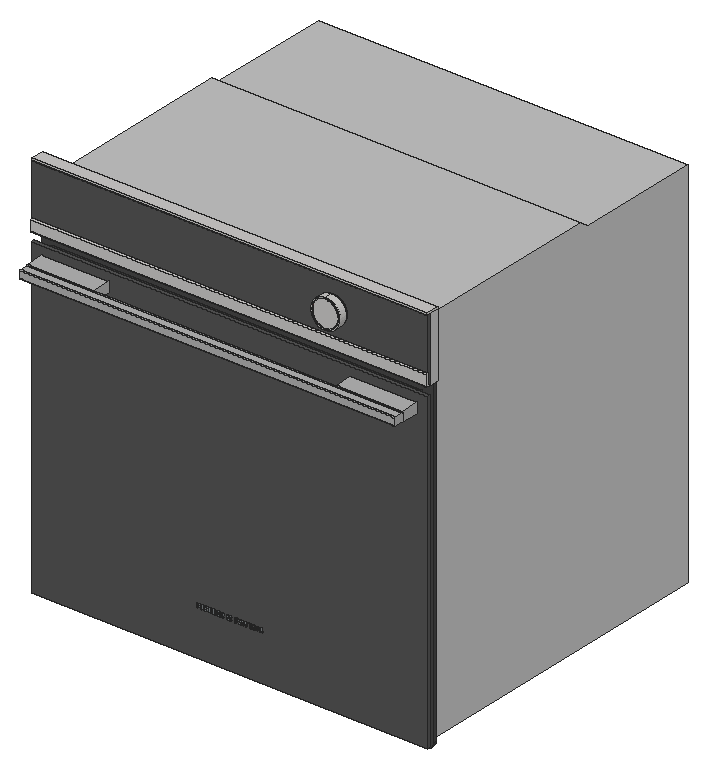
Revit family "FP-Revit18-OB60SD9PLX1-Oven-0-CN-IE-NZ-UK-90002667A", category Specialty Equipment, Revit 2018
Family settings
  Round Connector Dimension = Use Diameter
  Part Type = Normal
  OmniClass Number = 23.40.40.14.17.11
  OmniClass Title = Cookers, Ovens, Stoves
  Work Plane-Based = No
  Always vertical = Yes
  Cut with Voids When Loaded = Yes
  Shared = No
  Room Calculation Point = No
Parameters (values of type "OB60SD9PLX1")
  Visibility - Clearance Required = yes
  URL = "www.fisherpaykel.com"
  Product - Width = 596 mm  # constant formula
  Product - Height = 598 mm  # constant formula
  Product - Depth = 565 mm  # constant formula
  Model = "OB60SD9PLX1"
  Material - Trim = Fisher & Paykel - Stainless Steel
  Material - Structure = Fisher & Paykel - Black
  Material - Logo = Fisher & Paykel - Graphics Grey
  Material - Handle = Fisher & Paykel - Aluminium
  Material - Glass = Fisher & Paykel - Glass, Black
  Material - Buttons and Dials = Fisher & Paykel - Stainless Steel
  Material - Body = Fisher & Paykel - Grey
  Material - Bezel = Fisher & Paykel - Bezel Red
  Manufacturer = "Fisher & Paykel Appliances"
  FFL Offset [instance] = 200 mm
  Description = "60cm Built-In Oven"
  Connector Note - Electrical = "220-240 V, 12.8 - 13.8 A, 50 Hz"
  Chassis - Width = 556 mm  # constant formula
  Chassis - Height = 575 mm  # constant formula
  Chassis - Depth = 545 mm  # constant formula
  Cavity - Width = 560 mm  # constant formula
  Cavity - Height = 580 mm  # constant formula
  Cavity - Depth = 550 mm  # constant formula
Reference planes
  plane 1 "Datum": y = 0
  plane 2: z = 0
  plane 3 "Center (Left/Right)": x = 0
  plane 4 "Cavity": z = 780
  plane 5 "Product Height": z = 798
  plane 6 "Product LHS": x = -298
  plane 7 "Product RHS": x = 298
  plane 8 "Cavity LHS": x = -300
  plane 9 "Cavity RHS": x = 300
  plane 10 "Cavity - Depth": y = 550
  plane 11 "Product Depth": y = 545
  plane 12 "Front Face": y = -20
  plane 13 "FFL Offset": z = 200
  plane 14 "Cavity Height": z = 800
Forms (mm)
  Extrusion 1, solid, material "Fisher & Paykel - Grey" <- "Material - Body"
    sketch origin (0, 0, 0) x (0, 1, 0) y (0, 0, 1)
      loop
        line (0, 200) -> (525, 200) -> (525, 393.99) -> (545, 413.99) -> (545, 609.73) -> (495, 659.73) -> (495, 764.6) -> (307.721, 764.6) -> (293.958, 775) -> (0, 775) -> (0, 200)
    from -278 to 278
  Extrusion 2, void
    sketch origin (0, 0, 0) x (1, 0, 0) y (0, 1, 0)
      loop
        line (-278, 495) -> (-229.13, 495) -> (-179.13, 545) -> (-278, 545) -> (-278, 495)
      loop
        line (278, 495) -> (278, 545) -> (94.617, 545) -> (114.617, 525) -> (199.13, 525) -> (229.13, 495) -> (278, 495)
    from 200 to 764.6
  Extrusion 3, solid, material "Fisher & Paykel - Stainless Steel" <- "Material - Trim"
    sketch origin (0, 0, 0) x (0, 1, 0) y (0, 0, 1)
      loop
        line (0, 798) -> (-20.5, 798) -> (-20.5, 795.1) -> (0, 795.1) -> (0, 798)
    from -297.7 to 297.7
  Extrusion 4, solid, material "Fisher & Paykel - Grey" <- "Material - Body"
    sketch origin (0, 0, 0) x (0, 1, 0) y (0, 0, 1)
      loop
        line (-16, 795.1) -> (-16, 698) -> (0, 698) -> (0, 795.1) -> (-16, 795.1)
    from -297.7 to 297.7
  Extrusion 5, solid, material "Fisher & Paykel - Glass, Black" <- "Material - Glass"
    sketch origin (0, 0, 0) x (1, 0, 0) y (0, 0, 1)
      loop
        line (-298, 685.199) -> (-298, 210.2) -> (298, 210.2) -> (298, 685.199) -> (-298, 685.199)
      loop
        line (-298, 699.5) -> (298, 699.5) -> (298, 794.5) -> (-298, 794.5) -> (-298, 699.5)
    from 16 to 20
  Extrusion 6, solid, material "Fisher & Paykel - Black" <- "Material - Structure"
    sketch origin (0, 0, 0) x (0, 1, 0) y (0, 0, 1)
      loop
        line (-13.8, 683.7) -> (-16, 683.7) -> (-16, 224.7) -> (-5, 224.7) -> (-5, 680.497) -> (-13.8, 683.7)
    from -277 to 277
  Extrusion 7, solid, material "Fisher & Paykel - Black" <- "Material - Structure"
    sketch origin (0, 0, 0) x (1, 0, 0) y (0, 0, 1)
      loop
        line (-295, 698) -> (-295, 209.536)
        arc (-295, 209.536) -> (-292.207, 202.793) -> (-285.464, 200) r 9.536
        line (-285.464, 200) -> (285.5, 200)
        arc (285.5, 200) -> (292.218, 202.782) -> (295, 209.5) r 9.5
        line (295, 209.5) -> (295, 698) -> (-295, 698)
    from 0 to 5
  Extrusion 8, solid, material "Fisher & Paykel - Clearance Required", visible <- "Visibility - Clearance Required", detail levels coarse
    sketch origin (0, 0, 0) x (0, 1, 0) y (0, 0, 1)
      loop
        line (0, 800) -> (-20, 800) -> (-20, 685.452)
        arc (-20, 685.452) -> (-338.426, 558.091) -> (-479.879, 245.669) r 459.33
        line (-479.879, 245.669) -> (-453.852, 243.749) -> (-456.942, 201.858) -> (-440.966, 200.68) -> (-437.876, 242.565) -> (-20, 211.735) -> (-20, 200) -> (0, 200) -> (0, 800)
    from -300 to 300
  Extrusion 9, solid, material "Fisher & Paykel - Clearance Required", visible <- "Visibility - Clearance Required", detail levels coarse
    sketch origin (0, 0, 0) x (1, 0, 0) y (0, 1, 0)
      loop
        line (-280, 0) -> (280, 0) -> (280, 550) -> (-280, 550) -> (-280, 0)
    from 200 to 780
  Extrusion 10, void
    sketch origin (0, 0, 0) x (1, 0, 0) y (0, 1, 0)
      loop
        line (-300, -20) -> (300, -20) -> (300, 0) -> (-300, 0) -> (-300, -20)
    from 200 to 800
  Extrusion 11, solid, material "Fisher & Paykel - Stainless Steel" <- "Material - Trim", detail levels fine
    sketch origin (0, 0, 0) x (0, 1, 0) y (0, 0, 1)
      loop
        line (-21.7, 715.595) -> (-21.7, 699.2)
        arc (-21.7, 699.2) -> (-21.349, 698.351) -> (-20.5, 698) r 1.2
        line (-20.5, 698) -> (-17.526, 698) -> (-17.526, 699.5) -> (-20, 699.5) -> (-20, 717.643) -> (-20.789, 717.643) -> (-21.7, 715.595)
    from -298 to 298
  Extrusion 12, void
    sketch origin (0, 0, 0) x (1, 0, 0) y (0, 1, 0)
      loop
        line (-280, 550) -> (-280, 0) -> (280, 0) -> (280, 550) -> (-280, 550)
    from 200 to 780
  Extrusion 13, solid, material "Fisher & Paykel - Aluminium" <- "Material - Handle", detail levels fine
    sketch origin (0, -21, 664.221) x (0, 1, 0) y (0, 0, 1)
      loop
        arc (-26.813, 6.16) -> (-27.196, 6.554) -> (-27.728, 6.686) r 1
        line (-27.728, 6.686) -> (-40.035, 6.256)
        arc (-40.035, 6.256) -> (-40.719, 5.951) -> (-41, 5.257) r 1
        line (-41, 5.257) -> (-41, -5.257)
        arc (-41, -5.257) -> (-40.719, -5.951) -> (-40.035, -6.256) r 1
        line (-40.035, -6.256) -> (-27.709, -6.686)
        arc (-27.709, -6.686) -> (-27.175, -6.554) -> (-26.792, -6.158) r 1
        arc (-26.792, -6.158) -> (-25.256, 0.004) -> (-26.813, 6.16) r 13.038
    from -282.5 to 282.5
  Extrusion 14, solid, material "Fisher & Paykel - Aluminium" <- "Material - Handle", detail levels fine
    sketch origin (0, -21, 664.221) x (0, 1, 0) y (0, 0, 1)
      loop
        arc (-26.626, -6.008) -> (-26.614, -6.49) -> (-26.2, -6.737) r 0.5
        line (-26.2, -6.737) -> (1, -7.732) -> (1, 7.741) -> (-26.174, 6.747)
        arc (-26.174, 6.747) -> (-26.587, 6.5) -> (-26.6, 6.019) r 0.5
        arc (-26.6, 6.019) -> (-25.156, 0.002) -> (-26.626, -6.008) r 13.136
    from 182.5 to 282.5
  Extrusion 15, solid, material "Fisher & Paykel - Aluminium" <- "Material - Handle", detail levels coarse+medium
    sketch origin (0, -21, 664.221) x (1, 0, 0) y (0, 1, 0)
      loop
        line (-282.5, -41) -> (282.5, -41) -> (282.5, 1) -> (182.5, 1) -> (182.5, -26.156) -> (-182.5, -26.156) -> (-182.5, 1) -> (-282.5, 1) -> (-282.5, -41)
    from -8.022 to 7.978
  Extrusion 16, solid, material "Fisher & Paykel - Aluminium" <- "Material - Handle", detail levels fine
    sketch origin (0, -21, 664.221) x (0, 1, 0) y (0, 0, 1)
      loop
        arc (-26.626, -6.008) -> (-26.614, -6.49) -> (-26.2, -6.737) r 0.5
        line (-26.2, -6.737) -> (1, -7.732) -> (1, 7.741) -> (-26.174, 6.747)
        arc (-26.174, 6.747) -> (-26.587, 6.5) -> (-26.6, 6.019) r 0.5
        arc (-26.6, 6.019) -> (-25.156, 0.002) -> (-26.626, -6.008) r 13.136
    from -282.5 to -182.5
  Extrusion 17, solid, material "Fisher & Paykel - Aluminium" <- "Material - Handle", not visible, detail levels fine
    sketch origin (0, -22, 652) x (0, 1, 0) y (0, 0, 1)
      loop
        arc (-26.813, 6.16) -> (-27.196, 6.554) -> (-27.728, 6.686) r 1
        line (-27.728, 6.686) -> (-40.035, 6.256)
        arc (-40.035, 6.256) -> (-40.719, 5.951) -> (-41, 5.257) r 1
        line (-41, 5.257) -> (-41, -5.257)
        arc (-41, -5.257) -> (-40.719, -5.951) -> (-40.035, -6.256) r 1
        line (-40.035, -6.256) -> (-27.709, -6.686)
        arc (-27.709, -6.686) -> (-27.175, -6.554) -> (-26.792, -6.158) r 1
        arc (-26.792, -6.158) -> (-25.256, 0.004) -> (-26.813, 6.16) r 13.038
    from -282.5 to 282.5
  Extrusion 18, solid, material "Fisher & Paykel - Aluminium" <- "Material - Handle", not visible, detail levels fine
    sketch origin (0, -22, 652) x (0, 1, 0) y (0, 0, 1)
      loop
        arc (-26.626, -6.008) -> (-26.614, -6.49) -> (-26.2, -6.737) r 0.5
        line (-26.2, -6.737) -> (1, -7.732) -> (1, 7.741) -> (-26.174, 6.747)
        arc (-26.174, 6.747) -> (-26.587, 6.5) -> (-26.6, 6.019) r 0.5
        arc (-26.6, 6.019) -> (-25.156, 0.002) -> (-26.626, -6.008) r 13.136
    from 182.5 to 282.5
  Extrusion 19, solid, material "Fisher & Paykel - Aluminium" <- "Material - Handle", not visible, detail levels coarse+medium
    sketch origin (0, -22, 652) x (1, 0, 0) y (0, 1, 0)
      loop
        line (-282.5, -41) -> (282.5, -41) -> (282.5, 1) -> (182.5, 1) -> (182.5, -26.156) -> (-182.5, -26.156) -> (-182.5, 1) -> (-282.5, 1) -> (-282.5, -41)
    from -8.022 to 7.978
  Extrusion 20, solid, material "Fisher & Paykel - Aluminium" <- "Material - Handle", not visible, detail levels fine
    sketch origin (0, -22, 652) x (0, 1, 0) y (0, 0, 1)
      loop
        arc (-26.626, -6.008) -> (-26.614, -6.49) -> (-26.2, -6.737) r 0.5
        line (-26.2, -6.737) -> (1, -7.732) -> (1, 7.741) -> (-26.174, 6.747)
        arc (-26.174, 6.747) -> (-26.587, 6.5) -> (-26.6, 6.019) r 0.5
        arc (-26.6, 6.019) -> (-25.156, 0.002) -> (-26.626, -6.008) r 13.136
    from -282.5 to -182.5
  Extrusion 21, solid, material "Fisher & Paykel - Graphics Grey" <- "Material - Logo", detail levels fine
    sketch origin (0, -20, 278.956) x (1, 0, 0) y (0, 0, 1)
      loop
        line (-49.544, 0) -> (-47.97, 0) -> (-47.97, 2.138) -> (-45.511, 2.138) -> (-45.511, 3.472) -> (-47.97, 3.472) -> (-47.97, 4.712) -> (-45.295, 4.712) -> (-45.295, 6.04) -> (-49.544, 6.04) -> (-49.544, 0)
      loop
        line (-42.304, 6.04) -> (-42.304, 0) -> (-40.73, 0) -> (-40.73, 6.04) -> (-42.304, 6.04)
      loop
        line (-30.224, 6.04) -> (-30.224, 0) -> (-28.651, 0) -> (-28.651, 2.42) -> (-26.339, 2.42) -> (-26.339, 0) -> (-24.765, 0) -> (-24.765, 6.04) -> (-26.339, 6.04) -> (-26.339, 3.748) -> (-28.651, 3.748) -> (-28.651, 6.04) -> (-30.224, 6.04)
      loop
        line (-21.406, 6.04) -> (-21.406, 0) -> (-17.102, 0) -> (-17.102, 1.328) -> (-19.847, 1.328) -> (-19.847, 2.42) -> (-17.338, 2.42) -> (-17.338, 3.748) -> (-19.847, 3.748) -> (-19.847, 4.712) -> (-17.102, 4.712) -> (-17.102, 6.04) -> (-21.406, 6.04)
      loop
        line (46.167, 6.04) -> (46.167, 0) -> (50.456, 0) -> (50.456, 1.328) -> (47.741, 1.328) -> (47.741, 6.04) -> (46.167, 6.04)
      loop
        line (42.931, 6.04) -> (38.612, 6.04) -> (38.612, 0) -> (42.931, 0) -> (42.931, 1.328) -> (40.187, 1.328) -> (40.187, 2.42) -> (42.695, 2.42) -> (42.695, 3.748) -> (40.187, 3.748) -> (40.187, 4.712) -> (42.931, 4.712) -> (42.931, 6.04)
      loop
        line (33.951, 3.148) -> (36.183, 6.04) -> (34.344, 6.04) -> (32.415, 3.542) -> (32.415, 6.04) -> (30.842, 6.04) -> (30.842, 0) -> (32.415, 0) -> (32.415, 2.705) -> (34.403, 0) -> (36.263, 0) -> (33.951, 3.148)
      loop
        line (22.48, 6.04) -> (24.762, 2.42) -> (24.762, 0) -> (26.337, 0) -> (26.337, 2.341) -> (28.619, 6.04) -> (26.946, 6.04) -> (25.599, 3.707) -> (24.253, 6.04) -> (22.48, 6.04)
      loop
        line (18.979, 6.04) -> (17.483, 6.04) -> (15.024, 0) -> (16.569, 0) -> (17.001, 1.112) -> (19.421, 1.112) -> (19.854, 0) -> (21.438, 0) -> (18.979, 6.04)
      loop
        line (18.9, 2.439) -> (18.193, 4.174) -> (17.518, 2.439) -> (18.9, 2.439)
      loop
        line (8.531, 6.04) -> (8.531, 0) -> (10.105, 0) -> (10.105, 1.938) -> (11.099, 1.938)
        arc (11.099, 1.938) -> (13.15, 3.989) -> (11.099, 6.04) r 2.051
        line (11.099, 6.04) -> (8.531, 6.04)
      loop
        line (10.105, 4.712) -> (10.105, 3.197) -> (11.001, 3.197)
        arc (11.001, 3.197) -> (11.759, 3.954) -> (11.001, 4.712) r 0.757
        line (11.001, 4.712) -> (10.105, 4.712)
      loop
        line (-11.283, 6.04) -> (-13.866, 6.04) -> (-13.866, 0) -> (-12.292, 0) -> (-12.292, 1.336) -> (-11.492, 1.336) -> (-10.472, 0) -> (-8.653, 0) -> (-10.194, 1.973)
        arc (-10.194, 1.973) -> (-9.178, 4.424) -> (-11.283, 6.04) r 2.179
      loop
        line (-11.397, 4.712) -> (-12.292, 4.712) -> (-12.292, 3.053) -> (-11.397, 3.053)
        arc (-11.397, 3.053) -> (-10.568, 3.882) -> (-11.397, 4.712) r 0.83
      loop
        line (0.977, 4.712) -> (0.977, 6.153) -> (-3.075, 6.153) -> (-3.075, 4.851) -> (-2.474, 4.112)
        arc (-2.474, 4.112) -> (-3.01, 0.684) -> (0.455, 0.512) r 2.334
        line (0.455, 0.512) -> (0.96, -0.109) -> (2.746, -0.109) -> (1.36, 1.594) -> (2.561, 3.324) -> (0.943, 3.324) -> (0.487, 2.667) -> (-1.177, 4.712) -> (0.977, 4.712)
      loop
        arc (-1.625, 3.068) -> (-1.769, 1.668) -> (-0.368, 1.524) r 0.996
        line (-0.368, 1.524) -> (-1.625, 3.068)
      loop
        line (-34.68, 3.634) -> (-36.016, 3.91)
        arc (-36.016, 3.91) -> (-36.549, 4.443) -> (-36.016, 4.976) r 0.533
        arc (-36.016, 4.976) -> (-34.735, 4.79) -> (-33.559, 4.248) r 4.505
        line (-33.559, 4.248) -> (-33.559, 5.743)
        arc (-33.559, 5.743) -> (-35.049, 6.179) -> (-36.6, 6.109) r 4.726
        arc (-36.6, 6.109) -> (-38.036, 4.335) -> (-36.6, 2.561) r 1.814
        line (-36.6, 2.561) -> (-35.254, 2.282)
        arc (-35.254, 2.282) -> (-34.721, 1.749) -> (-35.254, 1.216) r 0.533
        arc (-35.254, 1.216) -> (-36.535, 1.402) -> (-37.711, 1.945) r 4.505
        line (-37.711, 1.945) -> (-37.711, 0.449)
        arc (-37.711, 0.449) -> (-36.22, 0.013) -> (-34.669, 0.083) r 4.726
        arc (-34.669, 0.083) -> (-33.234, 1.863) -> (-34.68, 3.634) r 1.814
    from 0 to 0.8
  Revolve 22, solid, material "Fisher & Paykel - Stainless Steel" <- "Material - Buttons and Dials", detail levels fine
    sketch origin (154.861, -20, 752.537) x (0, 1, 0) y (0, 0, 1)
      loop
        line (0, 22) -> (-0.843, 22) -> (-0.843, 16.038) -> (-2.39, 16.038) -> (-2.39, 22) -> (-13.7, 22) -> (-13.7, 21.2) -> (-13.191, 20) -> (-8.9, 20) -> (-8.9, 0) -> (0, 0) -> (0, 22)
      axis (0, 0) -> (-13.7, 0)
    angle from 0 to 360
  Extrusion 23, solid, material "Fisher & Paykel - Stainless Steel" <- "Material - Buttons and Dials", detail levels fine
    sketch origin (154.861, -20, 752.537) x (1, 0, 0) y (0, 0, 1)
      loop
        circle (0, 0) r 19.45
    from 8.9 to 13.191
  Extrusion 24, solid, material "Fisher & Paykel - Stainless Steel" <- "Material - Buttons and Dials", detail levels coarse+medium
    sketch origin (154.861, -20, 752.537) x (1, 0, 0) y (0, 0, 1)
      loop
        circle (0, 0) r 22
    from 0 to 13.7
  Extrusion 25, solid, material "Fisher & Paykel - Bezel Red" <- "Material - Bezel", detail levels fine
    sketch origin (154.861, -20, 752.537) x (1, 0, 0) y (0, 0, 1)
      loop
        circle (0, 0) r 19.45
      loop
        circle (0, 0) r 20
    from 2.39 to 13.191
  Extrusion 26, solid, material "Fisher & Paykel - Grey" <- "Material - Body"
    sketch origin (154.861, 0, 0) x (0, 1, 0) y (0, 0, 1)
      loop
        line (495, 736) -> (495, 683) -> (514, 683) -> (514, 736) -> (495, 736)
    from -372.861 to -289.861
  Extrusion 27, solid, material "Fisher & Paykel - Grey" <- "Material - Body"
    sketch origin (154.861, 0, 0) x (0, 1, 0) y (0, 0, 1)
      loop
        circle (504.5, 703) r 4
    from -410 to -372.861
Cuts and joins
  Extrusion 2 cuts Extrusion 1
Lines and regions (mm)
  model lines, style "Fisher & Paykel"
    curve 1: line (217, -20, 334) -> (-217, -20, 334)
    curve 2: line (217, -20, 617.236) -> (217, -20, 334)
    curve 3: line (-217, -20, 617.236) -> (217, -20, 617.236)
    curve 4: line (-217, -20, 334) -> (-217, -20, 617.236)
Text (mm)
  text "Due to ongoing product development, product details are subject to change without notice. \nPlease always refer to www.fisherpaykel.com for the most current product information. \n© Fisher & Paykel 2020" at (40.64, -604.808, 0), in view "Ref. Level (Plan)"
Dimensions and locks
  equal spacing: plane 6 "Product LHS", plane 3 "Center (Left/Right)", plane 7 "Product RHS"
  "Product - Width": plane 6 "Product LHS" to plane 7 "Product RHS"
  equal spacing: plane 8 "Cavity LHS", plane 3 "Center (Left/Right)", plane 9 "Cavity RHS"
  "Cavity - Depth": plane 10 "Cavity - Depth" to plane 1 "Datum"
  "Chassis - Depth": plane 11 "Product Depth" to plane 1 "Datum"
  plane 12 "Front Face" to plane 1 "Datum" = 20 mm
  "Product - Depth": plane 11 "Product Depth" to plane 12 "Front Face"
  "FFL Offset": plane 13 "FFL Offset" to level
  "Product - Height": plane 5 "Product Height" to plane 13 "FFL Offset"
  "Cavity - Height": plane 4 "Cavity" to plane 13 "FFL Offset"
  Extrusion 5 to plane 13 "FFL Offset" = 10.2 mm
  Extrusion 6 to plane 13 "FFL Offset" = 24.7 mm
  locked: plane 5 "Product Height" to cut or joined group of Extrusion 1, Extrusion 2 at 33.4
  locked: plane 14 "Cavity Height" to plane 13 "FFL Offset" at 600
  locked: Extrusion 21 to plane 13 "FFL Offset" at 78.847
  equal spacing: Extrusion 9, plane 3 "Center (Left/Right)", Extrusion 9
  "Cavity - Width": Extrusion 9 to Extrusion 9
  locked: Extrusion 15 to plane 13 "FFL Offset" at 472.199
  locked: Extrusion 8 sketch curve to plane 13 "FFL Offset" at 11.735
  equal spacing: cut or joined group of Extrusion 1, Extrusion 2, plane 3 "Center (Left/Right)", cut or joined group of Extrusion 1, Extrusion 2
  "Chassis - Width": cut or joined group of Extrusion 1, Extrusion 2 to cut or joined group of Extrusion 1, Extrusion 2
  aligned and locked: level to plane 2
  aligned and locked: plane 8 "Cavity LHS" to Extrusion 8
  aligned and locked: Extrusion 8 to plane 9 "Cavity RHS"
  aligned and locked: Extrusion 1 sketch curve to plane 13 "FFL Offset"
  aligned and locked: Extrusion 1 to Extrusion 2
  aligned and locked: Extrusion 2 to Extrusion 1
  aligned and locked: plane 13 "FFL Offset" to Extrusion 8 sketch curve
  aligned and locked: plane 13 "FFL Offset" to Extrusion 7 sketch curve
  aligned and locked: Extrusion 12 to cut or joined group of Extrusion 1, Extrusion 2
  aligned and locked: plane 4 "Cavity" to Extrusion 12
  aligned and locked: plane 4 "Cavity" to Extrusion 9
  aligned and locked: Extrusion 9 to cut or joined group of Extrusion 1, Extrusion 2
  aligned and locked: Extrusion 10 to cut or joined group of Extrusion 1, Extrusion 2
  aligned and locked: Extrusion 10 to Extrusion 7
  aligned and locked: Extrusion 10 to Extrusion 8
  aligned and locked: plane 14 "Cavity Height" to Extrusion 10
  aligned and locked: Extrusion 12 to Extrusion 9  (x2)
Automatic sketch dimensions
  Extrusion 13 sketch curve to Extrusion 13 sketch curve = 0.965 mm  (x2)
  Extrusion 13 sketch curve to Extrusion 13 sketch curve = 0.035 mm  (x4)
  Extrusion 13 sketch curve to Extrusion 13 sketch curve = 1.706 mm
  Extrusion 13 sketch curve to Extrusion 13 sketch curve = 12.307 mm
  Extrusion 13 sketch curve to Extrusion 13 sketch curve = 12.326 mm
  Extrusion 13 sketch curve to Extrusion 13 sketch curve = 0.999 mm  (x2)
  Extrusion 13 sketch curve to Extrusion 13 sketch curve = 5.238 mm
  Extrusion 13 sketch curve to Extrusion 13 sketch curve = 0 mm
  Extrusion 14 sketch curve to Extrusion 14 sketch curve = 12.091 mm
  Extrusion 14 sketch curve to Extrusion 14 sketch curve = 0.018 mm  (x2)
  Extrusion 14 sketch curve to Extrusion 14 sketch curve = 0.008 mm
  Extrusion 14 sketch curve to Extrusion 14 sketch curve = 27.174 mm
  Extrusion 14 sketch curve to Extrusion 14 sketch curve = 15.473 mm
  Extrusion 14 sketch curve to Extrusion 14 sketch curve = 0.5 mm  (x2)
  Extrusion 14 sketch curve to Extrusion 14 sketch curve = 0 mm
  Extrusion 15 sketch curve to Extrusion 15 sketch curve = 14.844 mm
  Extrusion 15 sketch curve to Extrusion 15 sketch curve = 27.156 mm  (x2)
  Extrusion 16 sketch curve to Extrusion 16 sketch curve = 12.091 mm
  Extrusion 16 sketch curve to Extrusion 16 sketch curve = 0.018 mm  (x2)
  Extrusion 16 sketch curve to Extrusion 16 sketch curve = 0.008 mm
  Extrusion 16 sketch curve to Extrusion 16 sketch curve = 27.174 mm
  Extrusion 16 sketch curve to Extrusion 16 sketch curve = 15.473 mm
  Extrusion 16 sketch curve to Extrusion 16 sketch curve = 0.5 mm  (x2)
  Extrusion 16 sketch curve to Extrusion 16 sketch curve = 0 mm
  Extrusion 13 sketch curve to Extrusion 13 sketch curve = 0.43 mm
  Extrusion 13 sketch curve to Extrusion 13 sketch curve = 5.275 mm
  Extrusion 13 sketch curve to Extrusion 13 sketch curve = 11.374 mm
  Extrusion 14 sketch curve to Extrusion 14 sketch curve = 0.995 mm
  Extrusion 14 sketch curve to Extrusion 14 sketch curve = 6.268 mm
  Extrusion 14 sketch curve to Extrusion 14 sketch curve = 12.255 mm
  Extrusion 15 sketch curve to Extrusion 15 sketch curve = 100 mm  (x2)
  Extrusion 15 sketch curve to Extrusion 15 sketch curve = 365 mm
  Extrusion 16 sketch curve to Extrusion 16 sketch curve = 0.995 mm
  Extrusion 16 sketch curve to Extrusion 16 sketch curve = 6.268 mm
  Extrusion 16 sketch curve to Extrusion 16 sketch curve = 12.255 mm
  Extrusion 17 sketch curve to Extrusion 17 sketch curve = 0.965 mm  (x2)
  Extrusion 17 sketch curve to Extrusion 17 sketch curve = 0.035 mm  (x4)
  Extrusion 17 sketch curve to Extrusion 17 sketch curve = 1.706 mm
  Extrusion 17 sketch curve to Extrusion 17 sketch curve = 12.307 mm
  Extrusion 17 sketch curve to Extrusion 17 sketch curve = 12.326 mm
  Extrusion 17 sketch curve to Extrusion 17 sketch curve = 0.999 mm  (x2)
  Extrusion 17 sketch curve to Extrusion 17 sketch curve = 5.238 mm
  Extrusion 17 sketch curve to Extrusion 17 sketch curve = 0 mm
  Extrusion 18 sketch curve to Extrusion 18 sketch curve = 12.091 mm
  Extrusion 18 sketch curve to Extrusion 18 sketch curve = 0.018 mm  (x2)
  Extrusion 18 sketch curve to Extrusion 18 sketch curve = 0.008 mm
  Extrusion 18 sketch curve to Extrusion 18 sketch curve = 27.174 mm
  Extrusion 18 sketch curve to Extrusion 18 sketch curve = 15.473 mm
  Extrusion 18 sketch curve to Extrusion 18 sketch curve = 0.5 mm  (x2)
  Extrusion 18 sketch curve to Extrusion 18 sketch curve = 0 mm
  Extrusion 19 sketch curve to Extrusion 19 sketch curve = 14.844 mm
  Extrusion 19 sketch curve to Extrusion 19 sketch curve = 27.156 mm  (x2)
  Extrusion 20 sketch curve to Extrusion 20 sketch curve = 12.091 mm
  Extrusion 20 sketch curve to Extrusion 20 sketch curve = 0.018 mm  (x2)
  Extrusion 20 sketch curve to Extrusion 20 sketch curve = 0.008 mm
  Extrusion 20 sketch curve to Extrusion 20 sketch curve = 27.174 mm
  Extrusion 20 sketch curve to Extrusion 20 sketch curve = 15.473 mm
  Extrusion 20 sketch curve to Extrusion 20 sketch curve = 0.5 mm  (x2)
  Extrusion 20 sketch curve to Extrusion 20 sketch curve = 0 mm
  Extrusion 17 sketch curve to Extrusion 17 sketch curve = 0.43 mm
  Extrusion 17 sketch curve to Extrusion 17 sketch curve = 5.275 mm
  Extrusion 17 sketch curve to Extrusion 17 sketch curve = 11.374 mm
  Extrusion 18 sketch curve to Extrusion 18 sketch curve = 0.995 mm
  Extrusion 18 sketch curve to Extrusion 18 sketch curve = 6.268 mm
  Extrusion 18 sketch curve to Extrusion 18 sketch curve = 12.255 mm
  Extrusion 19 sketch curve to Extrusion 19 sketch curve = 100 mm  (x2)
  Extrusion 19 sketch curve to Extrusion 19 sketch curve = 365 mm
  Extrusion 20 sketch curve to Extrusion 20 sketch curve = 0.995 mm
  Extrusion 20 sketch curve to Extrusion 20 sketch curve = 6.268 mm
  Extrusion 20 sketch curve to Extrusion 20 sketch curve = 12.255 mm
  Extrusion 1 sketch curve to plane 1 "Datum" = 0 mm
  Extrusion 1 sketch curve to plane 11 "Product Depth" = 0 mm
  Extrusion 1 sketch curve to plane 4 "Cavity" = 5 mm
  Extrusion 1 sketch curve to plane 11 "Product Depth" = 251.042 mm
  Extrusion 1 sketch curve to Extrusion 1 sketch curve = 13.762 mm
  Extrusion 1 sketch curve to plane 4 "Cavity" = 15.4 mm
  Extrusion 1 sketch curve to plane 11 "Product Depth" = 50 mm
  Extrusion 1 sketch curve to plane 11 "Product Depth" = 20 mm
  Extrusion 1 sketch curve to Extrusion 1 sketch curve = 193.99 mm
  Extrusion 1 sketch curve to Extrusion 1 sketch curve = 20 mm
  Extrusion 1 sketch curve to Extrusion 1 sketch curve = 154.87 mm
  Extrusion 1 sketch curve to Extrusion 1 sketch curve = 50 mm
  Extrusion 2 sketch curve to plane 11 "Product Depth" = 0 mm  (x2)
  Extrusion 2 sketch curve to plane 6 "Product LHS" = 20 mm
  Extrusion 2 sketch curve to Extrusion 2 sketch curve = 48.87 mm
  Extrusion 2 sketch curve to Extrusion 2 sketch curve = 50 mm  (x3)
  plane 3 "Center (Left/Right)" to Extrusion 2 sketch curve = 94.617 mm
  Extrusion 2 sketch curve to Extrusion 2 sketch curve = 20 mm
  Extrusion 2 sketch curve to plane 11 "Product Depth" = 20 mm
  Extrusion 2 sketch curve to Extrusion 2 sketch curve = 84.513 mm
  Extrusion 2 sketch curve to Extrusion 2 sketch curve = 30 mm
  plane 7 "Product RHS" to Extrusion 2 sketch curve = 20 mm
  Extrusion 3 sketch curve to plane 1 "Datum" = 0 mm
  Extrusion 3 sketch curve to plane 12 "Front Face" = 0.5 mm
  Extrusion 3 sketch curve to plane 5 "Product Height" = 2.9 mm
  plane 5 "Product Height" to Extrusion 3 sketch curve = 0 mm
  Extrusion 4 sketch curve to plane 1 "Datum" = 0 mm
  plane 12 "Front Face" to Extrusion 4 sketch curve = 4 mm
  Extrusion 4 sketch curve to plane 4 "Cavity" = 82 mm
  Extrusion 4 sketch curve to plane 5 "Product Height" = 2.9 mm
  plane 6 "Product LHS" to Extrusion 5 sketch curve = 0 mm  (x2)
  plane 7 "Product RHS" to Extrusion 5 sketch curve = 0 mm  (x2)
  plane 13 "FFL Offset" to Extrusion 5 sketch curve = 10.2 mm
  Extrusion 5 sketch curve to plane 4 "Cavity" = 94.801 mm
  Extrusion 5 sketch curve to Extrusion 5 sketch curve = 14.301 mm
  Extrusion 5 sketch curve to plane 5 "Product Height" = 3.5 mm
  plane 12 "Front Face" to Extrusion 6 sketch curve = 4 mm
  Extrusion 6 sketch curve to Extrusion 6 sketch curve = 2.2 mm
  plane 1 "Datum" to Extrusion 6 sketch curve = 5 mm
  plane 13 "FFL Offset" to Extrusion 6 sketch curve = 24.7 mm
  Extrusion 6 sketch curve to plane 4 "Cavity" = 99.503 mm
  Extrusion 6 sketch curve to Extrusion 6 sketch curve = 3.203 mm
  Extrusion 7 sketch curve to plane 6 "Product LHS" = 3 mm
  Extrusion 7 sketch curve to Extrusion 7 sketch curve = 9.536 mm
  plane 7 "Product RHS" to Extrusion 7 sketch curve = 12.5 mm
  plane 7 "Product RHS" to Extrusion 7 sketch curve = 3 mm
  Extrusion 7 sketch curve to plane 4 "Cavity" = 82 mm
  Extrusion 9 sketch curve to plane 10 "Cavity - Depth" = 0 mm
  plane 1 "Datum" to Extrusion 9 sketch curve = 0 mm
  Extrusion 9 sketch curve to plane 6 "Product LHS" = 18 mm
  plane 7 "Product RHS" to Extrusion 9 sketch curve = 18 mm
  plane 1 "Datum" to Extrusion 10 sketch curve = 0 mm
  Extrusion 10 sketch curve to plane 8 "Cavity LHS" = 0 mm
  Extrusion 10 sketch curve to plane 9 "Cavity RHS" = 0 mm
  Extrusion 10 sketch curve to plane 12 "Front Face" = 0 mm
  Extrusion 11 sketch curve to plane 12 "Front Face" = 0 mm
  Extrusion 11 sketch curve to plane 12 "Front Face" = 0.5 mm
  Extrusion 11 sketch curve to Extrusion 11 sketch curve = 0.789 mm
  Extrusion 11 sketch curve to plane 12 "Front Face" = 1.7 mm
  plane 12 "Front Face" to Extrusion 11 sketch curve = 2.474 mm
  Extrusion 11 sketch curve to plane 4 "Cavity" = 82 mm
  Extrusion 11 sketch curve to Extrusion 11 sketch curve = 1.5 mm
  Extrusion 11 sketch curve to Extrusion 11 sketch curve = 16.095 mm
  Extrusion 11 sketch curve to Extrusion 11 sketch curve = 2.048 mm
  plane 1 "Datum" to Extrusion 12 sketch curve = 0 mm
  Extrusion 12 sketch curve to plane 10 "Cavity - Depth" = 0 mm
  Extrusion 12 sketch curve to plane 6 "Product LHS" = 18 mm
  plane 7 "Product RHS" to Extrusion 12 sketch curve = 18 mm
  Extrusion 21 sketch curve to plane 3 "Center (Left/Right)" = 49.544 mm
  Extrusion 21 sketch curve to Extrusion 21 sketch curve = 1.574 mm  (x12)
  Extrusion 21 sketch curve to Extrusion 21 sketch curve = 2.459 mm
  Extrusion 21 sketch curve to Extrusion 21 sketch curve = 0.216 mm
  Extrusion 21 sketch curve to Extrusion 21 sketch curve = 3.207 mm
  Extrusion 21 sketch curve to Extrusion 21 sketch curve = 3.02 mm
  Extrusion 21 sketch curve to Extrusion 21 sketch curve = 1.11 mm
  Extrusion 21 sketch curve to Extrusion 21 sketch curve = 0.379 mm
  Extrusion 21 sketch curve to Extrusion 21 sketch curve = 0.206 mm  (x2)
  Extrusion 21 sketch curve to Extrusion 21 sketch curve = 0.36 mm  (x2)
  Extrusion 21 sketch curve to Extrusion 21 sketch curve = 0.402 mm
  Extrusion 21 sketch curve to Extrusion 21 sketch curve = 0 mm  (x21)
  Extrusion 21 sketch curve to Extrusion 21 sketch curve = 1.335 mm  (x2)
  Extrusion 21 sketch curve to Extrusion 21 sketch curve = 1.121 mm
  Extrusion 21 sketch curve to Extrusion 21 sketch curve = 3.335 mm
  Extrusion 21 sketch curve to Extrusion 21 sketch curve = 2.312 mm  (x2)
  Extrusion 21 sketch curve to Extrusion 21 sketch curve = 3.359 mm
  Extrusion 21 sketch curve to Extrusion 21 sketch curve = 1.559 mm
  Extrusion 21 sketch curve to Extrusion 21 sketch curve = 2.508 mm  (x2)
  Extrusion 21 sketch curve to Extrusion 21 sketch curve = 0.236 mm  (x4)
  Extrusion 21 sketch curve to Extrusion 21 sketch curve = 3.236 mm  (x2)
  Extrusion 21 sketch curve to Extrusion 21 sketch curve = 0.8 mm
  Extrusion 21 sketch curve to Extrusion 21 sketch curve = 0.895 mm
  Extrusion 21 sketch curve to Extrusion 21 sketch curve = 0.114 mm
  Extrusion 21 sketch curve to Extrusion 21 sketch curve = 1.02 mm
  Extrusion 21 sketch curve to Extrusion 21 sketch curve = 1.298 mm
  Extrusion 21 sketch curve to Extrusion 21 sketch curve = 1.82 mm
  Extrusion 21 sketch curve to plane 3 "Center (Left/Right)" = 3.075 mm
  Extrusion 21 sketch curve to Extrusion 21 sketch curve = 0.602 mm
  Extrusion 21 sketch curve to Extrusion 21 sketch curve = 0.849 mm
  Extrusion 21 sketch curve to Extrusion 21 sketch curve = 0.425 mm
  Extrusion 21 sketch curve to plane 3 "Center (Left/Right)" = 1.177 mm
  Extrusion 21 sketch curve to Extrusion 21 sketch curve = 0.203 mm
  Extrusion 21 sketch curve to plane 3 "Center (Left/Right)" = 0.368 mm
  plane 3 "Center (Left/Right)" to Extrusion 21 sketch curve = 0.455 mm
  plane 3 "Center (Left/Right)" to Extrusion 21 sketch curve = 0.487 mm
  Extrusion 21 sketch curve to Extrusion 21 sketch curve = 0.456 mm
  Extrusion 21 sketch curve to Extrusion 21 sketch curve = 0.505 mm
  plane 3 "Center (Left/Right)" to Extrusion 21 sketch curve = 0.977 mm
  plane 3 "Center (Left/Right)" to Extrusion 21 sketch curve = 1.36 mm
  Extrusion 21 sketch curve to Extrusion 21 sketch curve = 1.618 mm
  Extrusion 21 sketch curve to Extrusion 21 sketch curve = 1.785 mm
  Extrusion 21 sketch curve to Extrusion 21 sketch curve = 5.971 mm
  Extrusion 21 sketch curve to Extrusion 21 sketch curve = 0.896 mm
  Extrusion 21 sketch curve to Extrusion 21 sketch curve = 0.994 mm
  Extrusion 21 sketch curve to Extrusion 21 sketch curve = 3.925 mm
  Extrusion 21 sketch curve to Extrusion 21 sketch curve = 1.545 mm
  Extrusion 21 sketch curve to Extrusion 21 sketch curve = 0.433 mm  (x2)
  Extrusion 21 sketch curve to Extrusion 21 sketch curve = 0.482 mm
  Extrusion 21 sketch curve to Extrusion 21 sketch curve = 0.517 mm
  Extrusion 21 sketch curve to Extrusion 21 sketch curve = 0.675 mm
  Extrusion 21 sketch curve to Extrusion 21 sketch curve = 1.381 mm
  Extrusion 21 sketch curve to Extrusion 21 sketch curve = 1.495 mm
  Extrusion 21 sketch curve to Extrusion 21 sketch curve = 0.522 mm
  Extrusion 21 sketch curve to Extrusion 21 sketch curve = 1.584 mm
  Extrusion 21 sketch curve to Extrusion 21 sketch curve = 3.502 mm
  Extrusion 21 sketch curve to Extrusion 21 sketch curve = 1.772 mm
  Extrusion 21 sketch curve to Extrusion 21 sketch curve = 0.51 mm
  Extrusion 21 sketch curve to Extrusion 21 sketch curve = 0.837 mm
  Extrusion 21 sketch curve to Extrusion 21 sketch curve = 0.737 mm
  Extrusion 21 sketch curve to Extrusion 21 sketch curve = 2.694 mm
  Extrusion 21 sketch curve to Extrusion 21 sketch curve = 1.673 mm
  Extrusion 21 sketch curve to Extrusion 21 sketch curve = 2.223 mm
  Extrusion 21 sketch curve to Extrusion 21 sketch curve = 1.535 mm
  Extrusion 21 sketch curve to Extrusion 21 sketch curve = 1.928 mm
  Extrusion 21 sketch curve to Extrusion 21 sketch curve = 1.987 mm
  Extrusion 21 sketch curve to Extrusion 21 sketch curve = 1.839 mm
  Extrusion 21 sketch curve to Extrusion 21 sketch curve = 1.86 mm
  Extrusion 21 sketch curve to Extrusion 21 sketch curve = 2.429 mm
  Extrusion 21 sketch curve to Extrusion 21 sketch curve = 2.715 mm
  plane 13 "FFL Offset" to Extrusion 21 sketch curve = 78.847 mm
  Extrusion 21 sketch curve to Extrusion 21 sketch curve = 0.109 mm  (x5)
  Extrusion 21 sketch curve to Extrusion 21 sketch curve = 0.449 mm
  Extrusion 21 sketch curve to Extrusion 21 sketch curve = 0.023 mm
  Extrusion 21 sketch curve to Extrusion 21 sketch curve = 0.621 mm
  Extrusion 21 sketch curve to Extrusion 21 sketch curve = 1.112 mm
  Extrusion 21 sketch curve to Extrusion 21 sketch curve = 1.328 mm  (x10)
  Extrusion 21 sketch curve to Extrusion 21 sketch curve = 1.336 mm
  Extrusion 21 sketch curve to Extrusion 21 sketch curve = 1.015 mm
  Extrusion 21 sketch curve to Extrusion 21 sketch curve = 1.012 mm
  Extrusion 21 sketch curve to Extrusion 21 sketch curve = 1.082 mm
  Extrusion 21 sketch curve to Extrusion 21 sketch curve = 0.262 mm  (x2)
  Extrusion 21 sketch curve to Extrusion 21 sketch curve = 1.938 mm
  Extrusion 21 sketch curve to Extrusion 21 sketch curve = 1.496 mm  (x2)
  Extrusion 21 sketch curve to Extrusion 21 sketch curve = 0.637 mm
  Extrusion 21 sketch curve to Extrusion 21 sketch curve = 2.138 mm
  Extrusion 21 sketch curve to Extrusion 21 sketch curve = 0.632 mm
  Extrusion 21 sketch curve to Extrusion 21 sketch curve = 0.424 mm  (x2)
  Extrusion 21 sketch curve to Extrusion 21 sketch curve = 0.14 mm
  Extrusion 21 sketch curve to Extrusion 21 sketch curve = 2.341 mm
  Extrusion 21 sketch curve to Extrusion 21 sketch curve = 1.092 mm  (x2)
  Extrusion 21 sketch curve to Extrusion 21 sketch curve = 2.42 mm
  Extrusion 21 sketch curve to Extrusion 21 sketch curve = 0.079 mm
  Extrusion 21 sketch curve to Extrusion 21 sketch curve = 0.616 mm
  Extrusion 21 sketch curve to Extrusion 21 sketch curve = 1.073 mm
  Extrusion 21 sketch curve to Extrusion 21 sketch curve = 2.705 mm
  Extrusion 21 sketch curve to Extrusion 21 sketch curve = 1.716 mm
  Extrusion 21 sketch curve to Extrusion 21 sketch curve = 0.442 mm
  Extrusion 21 sketch curve to Extrusion 21 sketch curve = 1.259 mm
  Extrusion 21 sketch curve to Extrusion 21 sketch curve = 1.73 mm
  Extrusion 21 sketch curve to Extrusion 21 sketch curve = 0.836 mm
  Extrusion 21 sketch curve to Extrusion 21 sketch curve = 1.352 mm
  Extrusion 21 sketch curve to Extrusion 21 sketch curve = 1.287 mm
  Extrusion 21 sketch curve to Extrusion 21 sketch curve = 0.808 mm
  Extrusion 21 sketch curve to Extrusion 21 sketch curve = 0.022 mm
  Extrusion 21 sketch curve to Extrusion 21 sketch curve = 0.276 mm
  Extrusion 21 sketch curve to Extrusion 21 sketch curve = 0.757 mm
  Extrusion 21 sketch curve to Extrusion 21 sketch curve = 0.034 mm
  Extrusion 21 sketch curve to Extrusion 21 sketch curve = 1.735 mm
  Extrusion 21 sketch curve to Extrusion 21 sketch curve = 0.614 mm
  Extrusion 21 sketch curve to Extrusion 21 sketch curve = 0.6 mm
  Extrusion 21 sketch curve to Extrusion 21 sketch curve = 0.964 mm  (x2)
  Extrusion 21 sketch curve to Extrusion 21 sketch curve = 1.24 mm
  Extrusion 21 sketch curve to Extrusion 21 sketch curve = 0.739 mm
  Extrusion 21 sketch curve to Extrusion 21 sketch curve = 0.744 mm
  Extrusion 21 sketch curve to Extrusion 21 sketch curve = 2.292 mm  (x2)
  Extrusion 21 sketch curve to Extrusion 21 sketch curve = 1.866 mm
  Extrusion 21 sketch curve to Extrusion 21 sketch curve = 2.892 mm
  Extrusion 21 sketch curve to Extrusion 21 sketch curve = 2.498 mm
  Extrusion 21 sketch curve to Extrusion 21 sketch curve = 1.302 mm
  plane 13 "FFL Offset" to curve 1 = 134 mm
  plane 7 "Product RHS" to curve 3 = 81 mm
  curve 3 to plane 4 "Cavity" = 162.764 mm
  curve 4 to plane 6 "Product LHS" = 81 mm
  plane 1 "Datum" to Revolve 22 sketch curve = 20 mm  (x2)
  plane 1 "Datum" to Revolve 22 sketch curve = 20.843 mm
  Revolve 22 sketch curve to Revolve 22 sketch curve = 1.547 mm
  Revolve 22 sketch curve to Revolve 22 sketch curve = 6.51 mm
  Revolve 22 sketch curve to Revolve 22 sketch curve = 4.291 mm
  Revolve 22 sketch curve to Revolve 22 sketch curve = 0.509 mm
  plane 13 "FFL Offset" to Revolve 22 sketch curve = 552.537 mm
  plane 13 "FFL Offset" to Revolve 22 sketch curve = 568.576 mm
  Revolve 22 sketch curve to Revolve 22 sketch curve = 3.962 mm
  Revolve 22 sketch curve to Revolve 22 sketch curve = 1.2 mm
  Revolve 22 sketch curve to Revolve 22 sketch curve = 0.8 mm
  Revolve 22 sketch curve to Revolve 22 sketch curve = 0 mm  (x2)
  Revolve 22 sketch curve to plane 12 "Front Face" = 18.633 mm
  plane 13 "FFL Offset" to Extrusion 23 sketch curve = 552.537 mm
  Extrusion 23 sketch curve to plane 8 "Cavity LHS" = 454.861 mm
  plane 13 "FFL Offset" to Extrusion 24 sketch curve = 552.537 mm
  Extrusion 24 sketch curve to plane 8 "Cavity LHS" = 454.861 mm
  Extrusion 25 sketch curve to Extrusion 25 sketch curve = 0 mm  (x2)
  plane 13 "FFL Offset" to Extrusion 25 sketch curve = 552.537 mm
  Extrusion 25 sketch curve to plane 8 "Cavity LHS" = 454.861 mm
  Extrusion 8 sketch curve to plane 12 "Front Face" = 0 mm  (x2)
  Extrusion 8 sketch curve to plane 1 "Datum" = 0 mm
  Extrusion 8 sketch curve to plane 14 "Cavity Height" = 0 mm
  Extrusion 8 sketch curve to plane 12 "Front Face" = 0.966 mm
  plane 13 "FFL Offset" to Extrusion 8 sketch curve = 42.565 mm
  Extrusion 8 sketch curve to Extrusion 8 sketch curve = 416.91 mm
  plane 13 "FFL Offset" to Extrusion 8 sketch curve = 0.68 mm
  plane 13 "FFL Offset" to Extrusion 8 sketch curve = 43.749 mm
  Extrusion 8 sketch curve to Extrusion 8 sketch curve = 15.976 mm
  plane 13 "FFL Offset" to Extrusion 8 sketch curve = 45.669 mm
  Extrusion 8 sketch curve to Extrusion 8 sketch curve = 14.388 mm
  Extrusion 26 sketch curve to plane 11 "Product Depth" = 50 mm
  Extrusion 26 sketch curve to Extrusion 26 sketch curve = 19 mm
  Extrusion 26 sketch curve to plane 4 "Cavity" = 97 mm
  Extrusion 26 sketch curve to plane 4 "Cavity" = 44 mm
  Extrusion 27 sketch curve to plane 11 "Product Depth" = 40.5 mm
  Extrusion 27 sketch curve to plane 4 "Cavity" = 77 mm
  radius of Extrusion 23 sketch curve = 19.45 mm
  radius of Extrusion 24 sketch curve = 22 mm
  radius of Extrusion 25 sketch curve = 19.45 mm
  radius of Extrusion 25 sketch curve = 20 mm
  radius of Extrusion 27 sketch curve = 4 mm
